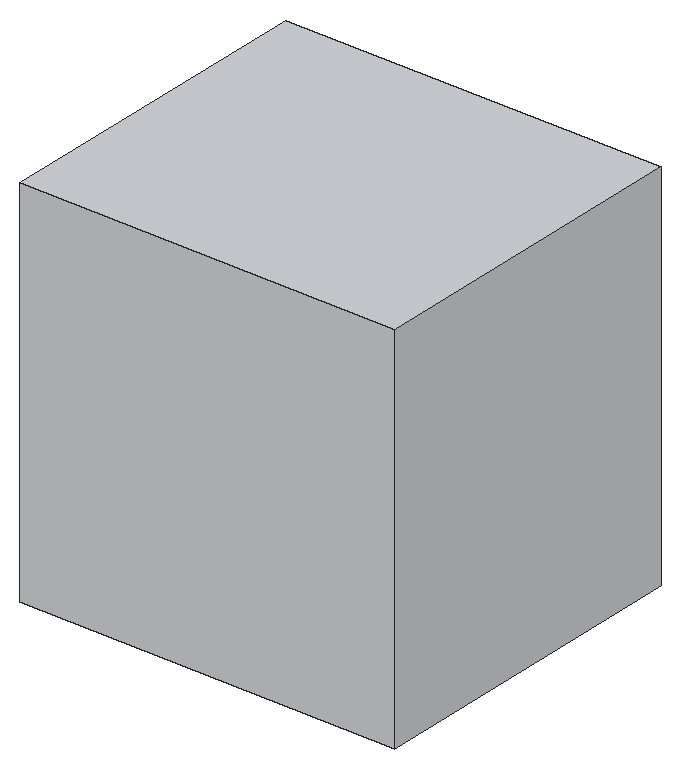
Revit family "Switch Disconnector_Three Phase_Vertically Mounted", category Electrical Fixtures, Revit 2014
Parameters (values of type "#A")
  System_Function_Primary = "Electrical"
  System_Function_Heating = no
  System_Function_Cooling = no
  System_Connection_Ventilation = no
  System_Connection_Process = no
  System_Connection_Power = yes
  System_Connection_Drainage = no
  System_Connection_Domestic Water = no
  System_Connection_Data = no
  IfcExportType = "IfcOutletType"
  IfcExportAs = "IfcOutlet"
  Identity_Reference [instance] = ""
  Identity_NRM1_Description = "Power Installation"
  Identity_NRM1_Code = "5.8.2.1"
  Identity_Level [instance] = ""
  Identity_Copyright = "Arup"  # constant formula
  Identity_Category = ""
  General_Weatherproof = no
  General_Rating_Visibility Yes = 1 = 1  # yes
  General_Rating_Visibility No = 1 = 0  # no
  General_Rating_Visibility = if(Electrical_Current_Rating = 0 A, General_Rating_Visibility No, General_Rating_Visibility Yes)  # no
  General_Mounting_Surface = yes
  General_Mounting_Recessed = no
  General_Mounting_Method_Top = no
  General_Mounting_Method_Middle = yes
  General_Mounting_Method_Bottom = no
  General_Mounting_Method = if(General_Mounting_Method_Top, "Top", if(General_Mounting_Method_Middle, "Middle", if(General_Mounting_Method_Bottom, "Bottom", "Top")))  # "Middle"
  Electrical_Voltage = 400 V
  Electrical_Power_Apparent = 0 VA
  Electrical_Power Factor = 0.95
  Electrical_Number of Poles = 3
  Electrical_Current_Rating = 0 A
  Dimensions_Width_Main Unit [instance] = 115.1 mm
  Dimensions_Width_Location = if(General_Mounting_Recessed, Dimensions_Width - 15 mm, 0 mm)  # 0 mm
  Dimensions_Width = 130.1 mm
  Dimensions_Symbol Offset_Vertical = 0 mm
  Dimensions_Symbol Offset_Maximum = 2500 mm  # constant formula
  Dimensions_Symbol Offset_Horizontal = 0 mm
  Dimensions_Symbol Offset_Calculated = Dimensions_Symbol Offset_Maximum - Dimensions_Symbol Offset_Horizontal  # 2500 mm
  Dimensions_Length = 130 mm
  Dimensions_Height_Mounting_Offset = if(General_Mounting_Method_Top, 0 mm, if(General_Mounting_Method_Middle, Dimensions_Height / 2, if(General_Mounting_Method_Bottom, Dimensions_Height, 0 mm)))  # 65 mm
  Dimensions_Height_Mounting = 1100 mm
  Dimensions_Height = 130 mm
  Description = "Switch Disconector"
  Control_Switch_Required = yes
  COBie.Type.NominalWidth [instance] = 500 mm
  COBie.Type.NominalLength [instance] = 130 mm
  COBie.Type.NominalHeight [instance] = 0 mm
  COBie.Type.Category = "L74611 : Switches"
  @General_Associated Equipment [instance] = ""
  @Electrical_Number of Phases = 3
Types (4, lengths in mm): name | General_Weatherproof | General_Mounting_Surface | General_Mounting_Recessed | Dimensions_Width_Location | Description
  #A | no | yes | no | 0 | "Switch Disconector"
  #A Weatherproof | yes | yes | no | 0 | "Switch Disconector - Weatherproof"
  #A Recessed | no | no | yes | 115.1 | "Switch Disconector"
  #A Recessed Weatherproof | yes | no | yes | 115.1 | "Switch Disconector - Weatherproof"
Reference planes
  plane 1 "Center (Front/Back)": y = 0
  plane 2: z = 0
  plane 3 "Center (Left/Right)": x = 0
  plane 4 "Left": x = -65
  plane 5 "Right": x = 65
  plane 6 "Bottom": y = 0
  plane 7 "Symbol_Offset Horizontal": y = 0
  plane 8 "Symbol_Offset Vertical": x = 0
  plane 9 "Symbol Reference": x = 2500
  plane 10 "Top of Unit": z = 1165
  plane 11 "Mounting Reference": z = 1100
  plane 12 "Bottom of Unit": z = 1035
  plane 13: z = 1100
Forms (mm)
  Extrusion 1, solid, detail levels fine
    sketch origin (0, 0, 0) x (1, 0, 0) y (0, 1, 0)
      loop
        line (-65, 115.1) -> (-65, 0) -> (65, 0) -> (65, 115.1) -> (-65, 115.1)
    from 1035 to 1165
Dimensions and locks
  "Dimensions_Symbol Offset_Maximum": plane 3 "Center (Left/Right)" to plane 9 "Symbol Reference"
  "Dimensions_Symbol Offset_Calculated": plane 8 "Symbol_Offset Vertical" to plane 9 "Symbol Reference"
  "Dimensions_Height": plane 10 "Top of Unit" to plane 12 "Bottom of Unit"
  "Dimensions_Height_Mounting": plane 11 "Mounting Reference" to plane 2
  "Dimensions_Height_Mounting_Offset": plane 10 "Top of Unit" to plane 11 "Mounting Reference"
  equal spacing: plane 10 "Top of Unit", plane 13, plane 12 "Bottom of Unit"
  aligned and locked: level to plane 2
  aligned and locked: Extrusion 1 sketch curve to plane 5 "Right"
  aligned and locked: plane 4 "Left" to Extrusion 1 sketch curve
  aligned and locked: plane 6 "Bottom" to Extrusion 1 sketch curve
  aligned and locked: plane 10 "Top of Unit" to Extrusion 1
  aligned and locked: Extrusion 1 to plane 12 "Bottom of Unit"
  aligned and locked: plane 8 "Symbol_Offset Vertical" to nested 1
  aligned and locked: plane 13 to nested 1
  aligned and locked: nested 2 to plane 7 "Symbol_Offset Horizontal"
  aligned and locked: plane 8 "Symbol_Offset Vertical" to nested 2
Automatic sketch dimensions
  Extrusion 1 sketch curve to Extrusion 1 sketch curve = 115.1 mm
Nested families
  nested 1: "Isolator_Switch" at (0, 115.1, 1100) x (1, 0, 0) z (0, 1, 0), type "Arup UKMEA_Generic Model", detail levels fine
    with Identity_Reference "", Identity_Level ""
  nested 2: "Switch Disconnector_Symbol" at (0, 0, 0), type "Standard", detail levels coarse+medium
Connectors
  electrical at (0, 0, 1100), driven by "Electrical_Number of Poles", driven by "Electrical_Voltage", driven by "Electrical_Power_Apparent", driven by "Electrical_Power Factor"
    settings: on Extrusion 1, index 1, voltage 400 V, apparent load 0 VA, apparent load phase1 0 VA, apparent load phase2 0 VA, apparent load phase3 0 VA, power factor 0.95, load classification "Power", number of poles 3, system type 30, power factor state 1, is connector primary yes, connector utility no, sub classification motor no, connector description ""
Definition of nested family "Isolator_Switch"
  Parameters (values of type "Arup UKMEA_Generic Model")
    IfcExportType = ""
    IfcExportAs = ""
    Identity_Reference [instance] = ""
    Identity_NRM1_Description = ""
    Identity_NRM1_Code = ""
    Identity_Level [instance] = ""
    Identity_Copyright = "Arup"  # constant formula
    Identity_Category = ""
    Dimensions_Width = 0 mm
    Dimensions_Radius_Switch Outer = 45 mm
    Dimensions_Radius_Inner = Dimensions_Radius_Switch Outer - 10 mm  # 35 mm
    Dimensions_Length = 0 mm
    Dimensions_Height = 15 mm
    Dimensions_Diameter = Dimensions_Radius_Switch Outer * 2  # 90 mm
    COBie.Type.NominalWidth [instance] = 0 mm
    COBie.Type.NominalLength [instance] = 0 mm
    COBie.Type.NominalHeight [instance] = 0 mm
    COBie.Type.Category = ""
  Reference planes
    plane 1 "Center (Front/Back)": y = 0
    plane 2: z = 0
    plane 3 "Center (Left/Right)": x = 0
    plane 4: z = 2
    plane 5: z = 15
    plane 6: y = 5
    plane 7: y = -5
  Forms (mm)
    Extrusion 1, solid
      sketch origin (0, 0, 0) x (1, 0, 0) y (0, 1, 0)
        loop
          circle (0, 0) r 45
      from 0 to 15
    Extrusion 2, void
      sketch origin (0, 0, 0) x (1, 0, 0) y (0, 1, 0)
        loop
          line (-34.641, 5) -> (34.641, 5)
          arc (34.641, 5) -> (0, 35) -> (-34.641, 5) r 35
      from 2 to 250
    Extrusion 3, void
      sketch origin (0, 0, 0) x (1, 0, 0) y (0, 1, 0)
        loop
          arc (-34.641, -5) -> (0, -35) -> (34.641, -5) r 35
          line (34.641, -5) -> (-34.641, -5)
      from 2 to 250
  Cuts and joins
    Extrusion 2, Extrusion 3 cuts Extrusion 1
  Dimensions and locks
    locked: plane 4 to plane 2 at 2
    "Dimensions_Height": plane 5 to plane 2
    equal spacing: plane 6, plane 1 "Center (Front/Back)", plane 7
    locked: plane 6 to plane 7 at 10
    "Dimensions_Radius_Switch Outer": radius of Extrusion 1 sketch curve
    "Dimensions_Radius_Inner": radius of Extrusion 2 sketch curve
    "Dimensions_Radius_Inner": radius of Extrusion 3 sketch curve
    aligned and locked: level to plane 2
    aligned and locked: plane 7 to cut or joined group of Extrusion 1, Extrusion 2, Extrusion 3
    aligned and locked: cut or joined group of Extrusion 1, Extrusion 2, Extrusion 3 to plane 6
    aligned and locked: cut or joined group of Extrusion 1, Extrusion 2, Extrusion 3 to plane 4
    aligned and locked: Extrusion 3 to plane 4
  Automatic sketch dimensions
    plane 1 "Center (Front/Back)" to Extrusion 1 sketch curve = 0 mm
    Extrusion 1 sketch curve to plane 3 "Center (Left/Right)" = 0 mm
    Extrusion 2 sketch curve to plane 6 = 0 mm
    plane 1 "Center (Front/Back)" to Extrusion 2 sketch curve = 0 mm
    Extrusion 2 sketch curve to plane 3 "Center (Left/Right)" = 0 mm
    Extrusion 3 sketch curve to plane 7 = 0 mm
    plane 1 "Center (Front/Back)" to Extrusion 3 sketch curve = 0 mm
    Extrusion 3 sketch curve to plane 3 "Center (Left/Right)" = 0 mm
Definition of nested family "Switch Disconnector_Symbol"
  Parameters (values of type "Switch Disconnector_Symbol")
    Weatherproof = no
    Rating Visibility = no
    Rating Label = 0 A
    Phases = 1
    Equipment Served Label = ""
  Reference planes
    plane 1: y = 0
    plane 2: x = 0
  Lines and regions (mm)
    Filled region 1, type "Filled region white"
      outline origin (0, 0, 0) x (1, 0, 0) y (0, 1, 0)
        loop
          line (-3.125, 0) -> (3.125, 0) -> (3.125, 3.125) -> (-3.125, 3.125) -> (-3.125, 0)
    Filled region 2, type "Filled region white"
      outline origin (0, 6.25, 0) x (0, -1, 0) y (1, 0, 0)
        loop
          line (0, -3.125) -> (3.125, -3.125) -> (3.125, 3.125) -> (0, 3.125) -> (0, -3.125)
    detail lines, style "Power Socket Main"
      curve 1: line (-3.125, 3.125, 0) -> (-4.625, 3.125, 0)
      curve 2: line (-4.625, 3.125, 0) -> (-4.625, 5.125, 0)
  Text (mm)
    label "Rating" at (-0.01, 4.563, 0), shows "Rating Label", visible <- "Rating Visibility"
    text "WP" at (-1.946, 12.747, 0), visible <- "Weatherproof"
    label "FCU" at (-0.01, 8.364, 0), shows "Equipment Served Label"
    label "PhasesPH" at (-0.01, 1.438, 0), shows "Phases"
